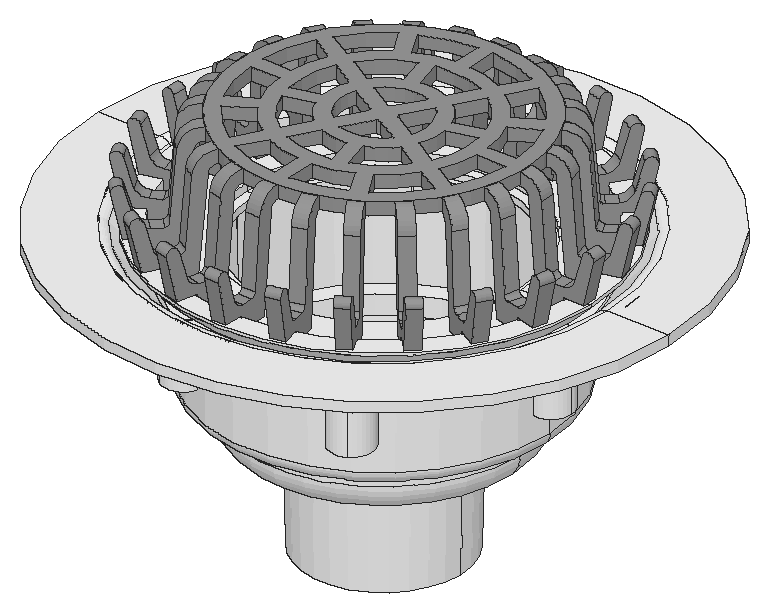
Revit family "3100.176", category Plumbing Fixtures, Revit 2016
Family settings
  Part Type = Normal
  Round Connector Dimension = Use Diameter
  OmniClass Number = 23.45.00.00
  OmniClass Title = Sanitary, Laundry, and Cleaning Equipment
  Work Plane-Based = No
  Always vertical = Yes
  Cut with Voids When Loaded = No
  Shared = No
  Room Calculation Point = No
Parameters (values of type "3100.176")
  Waste Connection = yes
  Vent Connection = yes
  URL = "www.aquaknight.co.nz"
  Phone = "+6498322214"  # constant formula
  Model = "3100.176"
  Manufacturer = "Aquanight Industries Ltd"  # constant formula
  HW Connection = no
  Email = "info@aquaknight.co.nz"  # constant formula
  Description = "Roof Drain SD HF BE65 DN100x65"
  CW Connection = no
Reference planes
  plane 1 "Center (Front/Back)": y = 0
  plane 2: z = 0
  plane 3 "Center (Left/Right)": x = 0
  plane 4: z = -80
Forms (mm)
  Revolve 1, solid, material "Stainless Steel", detail levels coarse+medium
    sketch origin (0, 0, -4) x (1, 0, 0) y (0, 0, 1)
      loop
        arc (-74.388, 8.35) -> (-77.362, 9.331) -> (-79.169, 11.888) r 5
        line (-79.169, 11.888) -> (-82.46, 22.651)
        arc (-82.46, 22.651) -> (-85.284, 24.218) -> (-86.95, 21.452) r 2.325
        line (-86.95, 21.452) -> (-83.071, 4.65) -> (-75, 4.65) -> (-75, 1.923) -> (-63.725, 1.923) -> (-60.76, 35.81)
        arc (-60.76, 35.81) -> (-59.64, 38.082) -> (-57.279, 39) r 3.495
        line (-57.279, 39) -> (0, 39) -> (0, 44) -> (-57.285, 44)
        arc (-57.285, 44) -> (-63.223, 41.675) -> (-66.005, 35.937) r 8.747
        line (-66.005, 35.937) -> (-68.033, 10.092)
        arc (-68.033, 10.092) -> (-68.634, 8.852) -> (-69.917, 8.35) r 1.89
        line (-69.917, 8.35) -> (-74.388, 8.35)
      axis (0, 44) -> (0, 1.923)
    angle from 0 to 360
  Revolve 2, solid, material "Plastic, Glossy White"
    sketch origin (0, 0, -4) x (1, 0, 0) y (0, 0, 1)
      loop
        line (-55.289, -60.153) -> (-55.401, -53.75) -> (-61.598, -53.75)
        arc (-61.598, -53.75) -> (-65.465, -52.168) -> (-67.114, -48.331) r 5.517
        line (-67.114, -48.331) -> (-67.623, -19.5) -> (-74.069, -19.5)
        arc (-74.069, -19.5) -> (-76.896, -18.33) -> (-78.069, -15.504) r 4
        line (-78.069, -15.504) -> (-78.069, -12.648) -> (-89.863, 0) -> (-115, 0) -> (-115, 4) -> (-90.298, 4)
        arc (-90.298, 4) -> (-88.304, 3.585) -> (-86.641, 2.41) r 5
        line (-86.641, 2.41) -> (-75.069, -10) -> (-72.737, -12.5) -> (-59.466, -12.5) -> (-58.805, -50.375) -> (-51.459, -50.375) -> (-51.459, -58.087)
        arc (-51.459, -58.087) -> (-48.832, -64.843) -> (-42.331, -68.049) r 10
        line (-42.331, -68.049) -> (-28.029, -69.3) -> (-26.87, -112.137) -> (-30.872, -112.137) -> (-31.931, -72.974) -> (-44.246, -71.897)
        arc (-44.246, -71.897) -> (-51.977, -68.126) -> (-55.199, -60.152) r 12
      loop
        line (-51.5, -6.15) -> (-51.5, -3.639) -> (-55.5, -3.639) -> (-55.5, -0.65) -> (-75.215, -0.65) -> (-75.215, 4) -> (-83.73, 4) -> (-83.73, 3.08) -> (-75.475, -5.175) -> (-51.5, -6.15)
      axis (0, 4) -> (0, -112.137)
    angle from 0 to 360
  Extrusion 3, solid, material "Stainless Steel", detail levels fine
    sketch origin (0, 0, 0) x (1, 0, 0) y (0, 1, 0)
      loop
        arc (-46.028, 23.147) -> (-49.762, 13.34) -> (-51.432, 2.979) r 51.54
        line (-51.432, 2.979) -> (-39.767, 2.979)
        arc (-39.767, 2.979) -> (-38.519, 10.327) -> (-35.926, 17.314) r 39.9
        line (-35.926, 17.314) -> (-46.028, 23.147)
      loop
        arc (-28.285, 43.071) -> (-36.422, 36.444) -> (-43.049, 28.307) r 51.54
        line (-43.049, 28.307) -> (-32.946, 22.475)
        arc (-32.946, 22.475) -> (-28.192, 28.214) -> (-22.453, 32.968) r 39.9
        line (-22.453, 32.968) -> (-28.285, 43.071)
      loop
        arc (-17.292, 35.948) -> (-10.305, 38.54) -> (-2.957, 39.789) r 39.9
        line (-2.957, 39.789) -> (-2.957, 51.454)
        arc (-2.957, 51.454) -> (-13.318, 49.784) -> (-23.125, 46.05) r 51.54
        line (-23.125, 46.05) -> (-17.292, 35.948)
      loop
        arc (-11.653, 32.06) -> (-20.749, 27.069) -> (-27.924, 19.575) r 34.12
        line (-27.924, 19.575) -> (-17.706, 13.676)
        arc (-17.706, 13.676) -> (-13.608, 17.763) -> (-8.599, 20.664) r 22.39
        line (-8.599, 20.664) -> (-11.653, 32.06)
      loop
        line (46.028, 23.147) -> (35.926, 17.314)
        arc (35.926, 17.314) -> (38.519, 10.327) -> (39.767, 2.979) r 39.9
        line (39.767, 2.979) -> (51.432, 2.979)
        arc (51.432, 2.979) -> (49.762, 13.34) -> (46.028, 23.147) r 51.54
      loop
        line (28.285, 43.071) -> (22.453, 32.968)
        arc (22.453, 32.968) -> (28.192, 28.214) -> (32.946, 22.475) r 39.9
        line (32.946, 22.475) -> (43.049, 28.307)
        arc (43.049, 28.307) -> (36.422, 36.444) -> (28.285, 43.071) r 51.54
      loop
        line (17.292, 35.948) -> (23.125, 46.05)
        arc (23.125, 46.05) -> (13.318, 49.784) -> (2.957, 51.454) r 51.54
        line (2.957, 51.454) -> (2.957, 39.789)
        arc (2.957, 39.789) -> (10.305, 38.54) -> (17.292, 35.948) r 39.9
      loop
        line (-46.028, -23.147) -> (-35.926, -17.314)
        arc (-35.926, -17.314) -> (-38.519, -10.327) -> (-39.767, -2.979) r 39.9
        line (-39.767, -2.979) -> (-51.432, -2.979)
        arc (-51.432, -2.979) -> (-49.762, -13.34) -> (-46.028, -23.147) r 51.54
      loop
        line (-28.285, -43.071) -> (-22.453, -32.968)
        arc (-22.453, -32.968) -> (-28.192, -28.214) -> (-32.946, -22.475) r 39.9
        line (-32.946, -22.475) -> (-43.049, -28.307)
        arc (-43.049, -28.307) -> (-36.422, -36.444) -> (-28.285, -43.071) r 51.54
      loop
        line (-17.292, -35.948) -> (-23.125, -46.05)
        arc (-23.125, -46.05) -> (-13.318, -49.784) -> (-2.957, -51.454) r 51.54
        line (-2.957, -51.454) -> (-2.957, -39.789)
        arc (-2.957, -39.789) -> (-10.305, -38.54) -> (-17.292, -35.948) r 39.9
      loop
        arc (46.028, -23.147) -> (49.762, -13.34) -> (51.432, -2.979) r 51.54
        line (51.432, -2.979) -> (39.767, -2.979)
        arc (39.767, -2.979) -> (38.519, -10.327) -> (35.926, -17.314) r 39.9
        line (35.926, -17.314) -> (46.028, -23.147)
      loop
        arc (28.285, -43.071) -> (36.422, -36.444) -> (43.049, -28.307) r 51.54
        line (43.049, -28.307) -> (32.946, -22.475)
        arc (32.946, -22.475) -> (28.192, -28.214) -> (22.453, -32.968) r 39.9
        line (22.453, -32.968) -> (28.285, -43.071)
      loop
        arc (17.292, -35.948) -> (10.305, -38.54) -> (2.957, -39.789) r 39.9
        line (2.957, -39.789) -> (2.957, -51.454)
        arc (2.957, -51.454) -> (13.318, -49.784) -> (23.125, -46.05) r 51.54
        line (23.125, -46.05) -> (17.292, -35.948)
      loop
        arc (11.653, -32.06) -> (20.749, -27.069) -> (27.924, -19.575) r 34.12
        line (27.924, -19.575) -> (17.706, -13.676)
        arc (17.706, -13.676) -> (13.608, -17.763) -> (8.599, -20.664) r 22.39
        line (8.599, -20.664) -> (11.653, -32.06)
      loop
        arc (-30.904, 14.415) -> (-33.806, 4.454) -> (-33.581, -5.919) r 34.12
        line (-33.581, -5.919) -> (-22.184, -2.866)
        arc (-22.184, -2.866) -> (-22.177, 2.922) -> (-20.686, 8.515) r 22.39
        line (-20.686, 8.515) -> (-30.904, 14.415)
      loop
        line (-4.945, -0.573) -> (-15.566, 5.56)
        arc (-15.566, 5.56) -> (-15.964, -4.283) -> (-10.698, -12.609) r 16.55
        line (-10.698, -12.609) -> (-4.566, -1.988)
        arc (-4.566, -1.988) -> (-4.808, -1.294) -> (-4.945, -0.573) r 5
      loop
        line (12.631, -10.72) -> (2.01, -4.588)
        arc (2.01, -4.588) -> (1.316, -4.83) -> (0.594, -4.967) r 5
        line (0.594, -4.967) -> (-5.538, -15.588)
        arc (-5.538, -15.588) -> (4.305, -15.986) -> (12.631, -10.72) r 16.55
      loop
        line (4.989, 0.573) -> (15.61, -5.56)
        arc (15.61, -5.56) -> (16.008, 4.283) -> (10.742, 12.609) r 16.55
        line (10.742, 12.609) -> (4.61, 1.988)
        arc (4.61, 1.988) -> (4.852, 1.294) -> (4.989, 0.573) r 5
      loop
        arc (5.581, 15.588) -> (-4.262, 15.986) -> (-12.587, 10.72) r 16.55
        line (-12.587, 10.72) -> (-1.966, 4.588)
        arc (-1.966, 4.588) -> (-1.272, 4.83) -> (-0.551, 4.967) r 5
        line (-0.551, 4.967) -> (5.581, 15.588)
      loop
        line (33.625, 5.919) -> (22.228, 2.866)
        arc (22.228, 2.866) -> (22.22, -2.922) -> (20.729, -8.515) r 22.39
        line (20.729, -8.515) -> (30.948, -14.415)
        arc (30.948, -14.415) -> (33.85, -4.454) -> (33.625, 5.919) r 34.12
      loop
        line (-20.642, -8.621) -> (-32.038, -11.675)
        arc (-32.038, -11.675) -> (-27.047, -20.771) -> (-19.553, -27.946) r 34.12
        line (-19.553, -27.946) -> (-13.654, -17.728)
        arc (-13.654, -17.728) -> (-17.741, -13.63) -> (-20.642, -8.621) r 22.39
      loop
        arc (-14.393, -30.926) -> (-4.432, -33.828) -> (5.941, -33.603) r 34.12
        line (5.941, -33.603) -> (2.887, -22.206)
        arc (2.887, -22.206) -> (-2.901, -22.198) -> (-8.493, -20.708) r 22.39
        line (-8.493, -20.708) -> (-14.393, -30.926)
      loop
        line (20.686, 8.621) -> (32.082, 11.675)
        arc (32.082, 11.675) -> (27.091, 20.771) -> (19.597, 27.946) r 34.12
        line (19.597, 27.946) -> (13.698, 17.728)
        arc (13.698, 17.728) -> (17.785, 13.63) -> (20.686, 8.621) r 22.39
      loop
        arc (14.437, 30.926) -> (4.475, 33.828) -> (-5.897, 33.603) r 34.12
        line (-5.897, 33.603) -> (-2.844, 22.206)
        arc (-2.844, 22.206) -> (2.944, 22.198) -> (8.537, 20.708) r 22.39
        line (8.537, 20.708) -> (14.437, 30.926)
      loop
        circle (0.022, 0) r 57.218
    from 35 to 40
  Extrusion 4, solid, material "Plastic, Glossy White", detail levels medium+fine
    sketch origin (0, 0, -4) x (1, 0, 0) y (0, 1, 0)
      loop
        circle (67.565, 0) r 8.2
      loop
        circle (-67.565, 0) r 8.2
      loop
        circle (-33.782, 58.513) r 8.2
      loop
        circle (33.782, 58.513) r 8.2
      loop
        circle (-33.782, -58.513) r 8.2
      loop
        circle (33.782, -58.513) r 8.2
    from -38.379 to -12.5
Lines and regions (mm)
  model lines, detail levels medium+fine
    curve 1: circle (53.522, 92.665, 0) r 4.5 normal (0, 0, 1)
    curve 2: circle (107.022, 0, 0) r 4.5 normal (0, 0, 1)
    curve 3: circle (-53.478, 92.665, 0) r 4.5 normal (0, 0, 1)
    curve 4: circle (-106.978, 0, 0) r 4.5 normal (0, 0, 1)
    curve 5: circle (-53.478, -92.665, 0) r 4.5 normal (0, 0, 1)
    curve 6: circle (53.522, -92.665, 0) r 4.5 normal (0, 0, 1)
Dimensions and locks
  locked: level to plane 4 at 80
  locked: connector elem to plane 1 "Center (Front/Back)" at 0
  locked: connector elem to plane 3 "Center (Left/Right)" at 0
  aligned and locked: level to plane 2
Nested families
  nested 1: "hook" at (0, 0, 0), type "230", detail levels fine
  nested 2: "hook" at (0, 0, 0) x (0.9659, 0.2588, 0) z (0, 0, 1), type "230", detail levels fine
  nested 3: "hook" at (0, 0, 0) x (0.866, 0.5, 0) z (0, 0, 1), type "230", detail levels fine
  nested 4: "hook" at (0, 0, 0) x (0.7071, 0.7071, 0) z (0, 0, 1), type "230", detail levels fine
  nested 5: "hook" at (0, 0, 0) x (0.5, 0.866, 0) z (0, 0, 1), type "230", detail levels fine
  nested 6: "hook" at (0, 0, 0) x (0.2588, 0.9659, 0) z (0, 0, 1), type "230", detail levels fine
  nested 7: "hook" at (0, 0, 0) x (0, 1, 0) z (0, 0, 1), type "230", detail levels fine
  nested 8: "hook" at (0, 0, 0) x (-0.2588, 0.9659, 0) z (0, 0, 1), type "230", detail levels fine
  nested 9: "hook" at (0, 0, 0) x (-0.5, 0.866, 0) z (0, 0, 1), type "230", detail levels fine
  nested 10: "hook" at (0, 0, 0) x (-0.7071, 0.7071, 0) z (0, 0, 1), type "230", detail levels fine
  nested 11: "hook" at (0, 0, 0) x (-0.866, 0.5, 0) z (0, 0, 1), type "230", detail levels fine
  nested 12: "hook" at (0, 0, 0) x (-0.9659, 0.2588, 0) z (0, 0, 1), type "230", detail levels fine
  nested 13: "hook" at (0, 0, 0) x (-1, 0, 0) z (0, 0, 1), type "230", detail levels fine
  nested 14: "hook" at (0, 0, 0) x (-0.9659, -0.2588, 0) z (0, 0, 1), type "230", detail levels fine
  nested 15: "hook" at (0, 0, 0) x (-0.866, -0.5, 0) z (0, 0, 1), type "230", detail levels fine
  nested 16: "hook" at (0, 0, 0) x (-0.7071, -0.7071, 0) z (0, 0, 1), type "230", detail levels fine
  nested 17: "hook" at (0, 0, 0) x (-0.5, -0.866, 0) z (0, 0, 1), type "230", detail levels fine
  nested 18: "hook" at (0, 0, 0) x (-0.2588, -0.9659, 0) z (0, 0, 1), type "230", detail levels fine
  nested 19: "hook" at (0, 0, 0) x (0, -1, 0) z (0, 0, 1), type "230", detail levels fine
  nested 20: "hook" at (0, 0, 0) x (0.2588, -0.9659, 0) z (0, 0, 1), type "230", detail levels fine
  nested 21: "hook" at (0, 0, 0) x (0.5, -0.866, 0) z (0, 0, 1), type "230", detail levels fine
  nested 22: "hook" at (0, 0, 0) x (0.7071, -0.7071, 0) z (0, 0, 1), type "230", detail levels fine
  nested 23: "hook" at (0, 0, 0) x (0.866, -0.5, 0) z (0, 0, 1), type "230", detail levels fine
  nested 24: "hook" at (0, 0, 0) x (0.9659, -0.2588, 0) z (0, 0, 1), type "230", detail levels fine
Connectors
  piping at (0, 0, -80), diameter 65
    settings: on plane 4, index 1, connector inside diameter 609.6 mm, connector length 0 mm, flow factor 0, pipe flow 0.0 L/s, pressure drop 0.0 Pa, fitting loss kfactor 0, connector angle 0.00°, fixture units 0, engagement length 0 mm, angle of deflection 0.00°, flow configuration 0, flow direction 0, fitting loss method 0, system type 28, joint type 0, gender type 0, connector reference index -1, connector utility 0, adjustable connector no, is connector primary yes, connector description ""
Definition of nested family "hook"
  Parameters (values of type "230")
    Waste Connection = yes
    Vent Connection = yes
    URL = ""
    Model = ""
    Manufacturer = ""
    HW Connection = no
    Description = ""
    CW Connection = no
  Reference planes
    plane 1 "Center (Front/Back)": y = 0
    plane 2: z = 0
    plane 3 "Center (Left/Right)": x = 0
    plane 4: z = 40
  Forms (mm)
    Extrusion 1, solid, detail levels fine
      sketch origin (0, 0, 0) x (1, 0, 0) y (0, 0, 1)
        loop
          arc (-74.388, 4.35) -> (-77.362, 5.331) -> (-79.169, 7.888) r 5
          line (-79.169, 7.888) -> (-82.46, 18.651)
          arc (-82.46, 18.651) -> (-85.284, 20.218) -> (-86.95, 17.452) r 2.325
          line (-86.95, 17.452) -> (-83.071, 0.65) -> (-75, 0.65) -> (-75, -4.65) -> (-63.95, -4.65) -> (-60.77, 31.692)
          arc (-60.77, 31.692) -> (-59.638, 34.021) -> (-57.24, 34.999) r 3.624
          line (-57.24, 34.999) -> (-57.24, 39.996)
          arc (-57.24, 39.996) -> (-63.183, 37.831) -> (-65.988, 32.162) r 8.504
          line (-65.988, 32.162) -> (-68.033, 6.092)
          arc (-68.033, 6.092) -> (-68.634, 4.852) -> (-69.917, 4.35) r 1.89
          line (-69.917, 4.35) -> (-74.388, 4.35)
      from -2.8 to 2.8
  Dimensions and locks
    aligned and locked: level to plane 2
